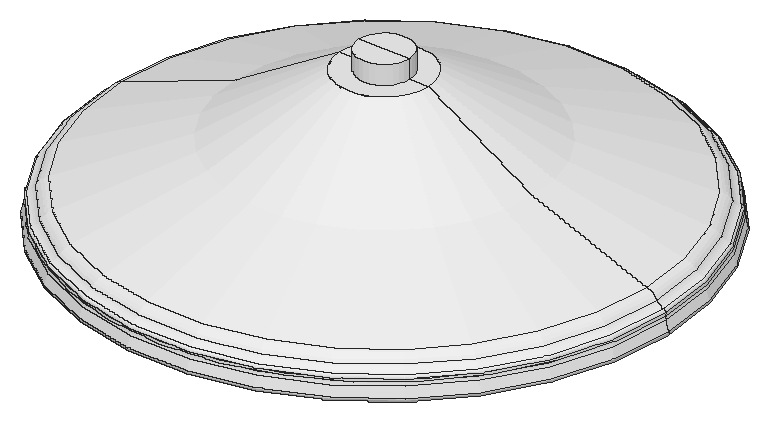
Revit family "Showerhead-DXV-Oak_Hill-D35155110_Series", category Plumbing Fixtures, Revit 2019 (continued)
Automatic sketch dimensions
  Revolve 62 sketch curve to Revolve 62 sketch curve = 0.22445"
  Revolve 62 sketch curve to Revolve 62 sketch curve = 0.10477"
  Revolve 62 sketch curve to Revolve 62 sketch curve = 0.04276"
  Revolve 62 sketch curve to Revolve 62 sketch curve = 0.04723"
  Revolve 62 sketch curve to Revolve 62 sketch curve = 1/64"
  Revolve 63 sketch curve to Revolve 63 sketch curve = 0.22445"
  Revolve 63 sketch curve to Revolve 63 sketch curve = 0.10477"
  Revolve 63 sketch curve to Revolve 63 sketch curve = 0.04276"
  Revolve 63 sketch curve to Revolve 63 sketch curve = 0.04723"
  Revolve 63 sketch curve to Revolve 63 sketch curve = 1/64"
  Revolve 64 sketch curve to Revolve 64 sketch curve = 0.22445"
  Revolve 64 sketch curve to Revolve 64 sketch curve = 0.10477"
  Revolve 64 sketch curve to Revolve 64 sketch curve = 0.04276"
  Revolve 64 sketch curve to Revolve 64 sketch curve = 0.04723"
  Revolve 64 sketch curve to Revolve 64 sketch curve = 1/64"
  Revolve 65 sketch curve to Revolve 65 sketch curve = 0.22445"
  Revolve 65 sketch curve to Revolve 65 sketch curve = 0.10477"
  Revolve 65 sketch curve to Revolve 65 sketch curve = 0.04276"
  Revolve 65 sketch curve to Revolve 65 sketch curve = 0.04723"
  Revolve 65 sketch curve to Revolve 65 sketch curve = 1/64"
  Revolve 66 sketch curve to Revolve 66 sketch curve = 0.22445"
  Revolve 66 sketch curve to Revolve 66 sketch curve = 0.10477"
  Revolve 66 sketch curve to Revolve 66 sketch curve = 0.04276"
  Revolve 66 sketch curve to Revolve 66 sketch curve = 0.04723"
  Revolve 66 sketch curve to Revolve 66 sketch curve = 1/64"
  Revolve 67 sketch curve to Revolve 67 sketch curve = 0.22445"
  Revolve 67 sketch curve to Revolve 67 sketch curve = 0.10477"
  Revolve 67 sketch curve to Revolve 67 sketch curve = 0.04276"
  Revolve 67 sketch curve to Revolve 67 sketch curve = 0.04723"
  Revolve 67 sketch curve to Revolve 67 sketch curve = 1/64"
  Revolve 68 sketch curve to Revolve 68 sketch curve = 0.22445"
  Revolve 68 sketch curve to Revolve 68 sketch curve = 0.10477"
  Revolve 68 sketch curve to Revolve 68 sketch curve = 0.04276"
  Revolve 68 sketch curve to Revolve 68 sketch curve = 0.04723"
  Revolve 68 sketch curve to Revolve 68 sketch curve = 1/64"
  Revolve 69 sketch curve to Revolve 69 sketch curve = 0.22445"
  Revolve 69 sketch curve to Revolve 69 sketch curve = 0.10477"
  Revolve 69 sketch curve to Revolve 69 sketch curve = 0.04276"
  Revolve 69 sketch curve to Revolve 69 sketch curve = 0.04723"
  Revolve 69 sketch curve to Revolve 69 sketch curve = 1/64"
  Revolve 70 sketch curve to Revolve 70 sketch curve = 0.22445"
  Revolve 70 sketch curve to Revolve 70 sketch curve = 0.10477"
  Revolve 70 sketch curve to Revolve 70 sketch curve = 0.04276"
  Revolve 70 sketch curve to Revolve 70 sketch curve = 0.04723"
  Revolve 70 sketch curve to Revolve 70 sketch curve = 1/64"
  Revolve 71 sketch curve to Revolve 71 sketch curve = 0.22445"
  Revolve 71 sketch curve to Revolve 71 sketch curve = 0.10477"
  Revolve 71 sketch curve to Revolve 71 sketch curve = 0.04276"
  Revolve 71 sketch curve to Revolve 71 sketch curve = 0.04723"
  Revolve 71 sketch curve to Revolve 71 sketch curve = 1/64"
  Revolve 72 sketch curve to Revolve 72 sketch curve = 0.22445"
  Revolve 72 sketch curve to Revolve 72 sketch curve = 0.10477"
  Revolve 72 sketch curve to Revolve 72 sketch curve = 0.04276"
  Revolve 72 sketch curve to Revolve 72 sketch curve = 0.04723"
  Revolve 72 sketch curve to Revolve 72 sketch curve = 1/64"
  Revolve 73 sketch curve to Revolve 73 sketch curve = 0.22445"
  Revolve 73 sketch curve to Revolve 73 sketch curve = 0.10477"
  Revolve 73 sketch curve to Revolve 73 sketch curve = 0.04276"
  Revolve 73 sketch curve to Revolve 73 sketch curve = 0.04723"
  Revolve 73 sketch curve to Revolve 73 sketch curve = 1/64"
  Revolve 74 sketch curve to Revolve 74 sketch curve = 0.22445"
  Revolve 74 sketch curve to Revolve 74 sketch curve = 0.10477"
  Revolve 74 sketch curve to Revolve 74 sketch curve = 0.04276"
  Revolve 74 sketch curve to Revolve 74 sketch curve = 0.04723"
  Revolve 74 sketch curve to Revolve 74 sketch curve = 1/64"
  Revolve 75 sketch curve to Revolve 75 sketch curve = 0.22445"
  Revolve 75 sketch curve to Revolve 75 sketch curve = 0.10477"
  Revolve 75 sketch curve to Revolve 75 sketch curve = 0.04276"
  Revolve 75 sketch curve to Revolve 75 sketch curve = 0.04723"
  Revolve 75 sketch curve to Revolve 75 sketch curve = 1/64"
  Revolve 76 sketch curve to Revolve 76 sketch curve = 0.22445"
  Revolve 76 sketch curve to Revolve 76 sketch curve = 0.10477"
  Revolve 76 sketch curve to Revolve 76 sketch curve = 0.04276"
  Revolve 76 sketch curve to Revolve 76 sketch curve = 0.04723"
  Revolve 76 sketch curve to Revolve 76 sketch curve = 1/64"
  Revolve 77 sketch curve to Revolve 77 sketch curve = 0.22445"
  Revolve 77 sketch curve to Revolve 77 sketch curve = 0.10477"
  Revolve 77 sketch curve to Revolve 77 sketch curve = 0.04276"
  Revolve 77 sketch curve to Revolve 77 sketch curve = 0.04723"
  Revolve 77 sketch curve to Revolve 77 sketch curve = 1/64"
  Revolve 78 sketch curve to Revolve 78 sketch curve = 0.22445"
  Revolve 78 sketch curve to Revolve 78 sketch curve = 0.10477"
  Revolve 78 sketch curve to Revolve 78 sketch curve = 0.04276"
  Revolve 78 sketch curve to Revolve 78 sketch curve = 0.04723"
  Revolve 78 sketch curve to Revolve 78 sketch curve = 1/64"
  Revolve 79 sketch curve to Revolve 79 sketch curve = 0.22445"
  Revolve 79 sketch curve to Revolve 79 sketch curve = 0.10477"
  Revolve 79 sketch curve to Revolve 79 sketch curve = 0.04276"
  Revolve 79 sketch curve to Revolve 79 sketch curve = 0.04723"
  Revolve 79 sketch curve to Revolve 79 sketch curve = 1/64"
  Revolve 80 sketch curve to Revolve 80 sketch curve = 0.22445"
  Revolve 80 sketch curve to Revolve 80 sketch curve = 0.10477"
  Revolve 80 sketch curve to Revolve 80 sketch curve = 0.04276"
  Revolve 80 sketch curve to Revolve 80 sketch curve = 0.04723"
  Revolve 80 sketch curve to Revolve 80 sketch curve = 1/64"
  Revolve 81 sketch curve to Revolve 81 sketch curve = 0.22445"
  Revolve 81 sketch curve to Revolve 81 sketch curve = 0.10477"
  Revolve 81 sketch curve to Revolve 81 sketch curve = 0.04276"
  Revolve 81 sketch curve to Revolve 81 sketch curve = 0.04723"
  Revolve 81 sketch curve to Revolve 81 sketch curve = 1/64"
  Revolve 82 sketch curve to Revolve 82 sketch curve = 0.22445"
  Revolve 82 sketch curve to Revolve 82 sketch curve = 0.10477"
  Revolve 82 sketch curve to Revolve 82 sketch curve = 0.04276"
  Revolve 82 sketch curve to Revolve 82 sketch curve = 0.04723"
  Revolve 82 sketch curve to Revolve 82 sketch curve = 1/64"
  radius of Masking region 1 sketch curve = 5"
Connectors (in)
  piping at (0, 0, 2.77344), diameter 0.5, driven by "Tempered Water Connection Diameter"
    settings: on Revolve 1, index 1, connector inside diameter 24", connector length 0", flow factor 0, pipe flow 0 GPM, pressure drop 0.00 psi, fitting loss kfactor 0, connector angle 0.00°, fixture units 0, engagement length 0", angle of deflection 0.00°, flow configuration 0, flow direction 1, fitting loss method 0, system type 29, joint type 0, gender type 0, connector reference index -1, connector utility 0, adjustable connector no, is connector primary yes, connector description "1/2\" NPT Inlet Connection"
Types (5): name | Model | Material | Finish
  (no name) | "D35155110.100" | "Brass-DXV-100-Polished Chrome" | Brass-DXV-100-Polished Chrome
  D35155110.100 | "D35155110.100" | "Brass-DXV-100-Polished Chrome" | Brass-DXV-100-Polished Chrome
  D35155110.144 | "D35155110.144" | "Brass-DXV-144-Brushed Nickel" | Brass-DXV-144-Brushed Nickel
  D35155110.150 | "D35155110.150" | "Brass-DXV-150-Platinum Nickel" | Brass-DXV-150-Platinum Nickel
  D35155110.427 | "D35155110.427" | "Brass-DXV-427-Satin Brass" | Brass-DXV-427-Satin Brass
